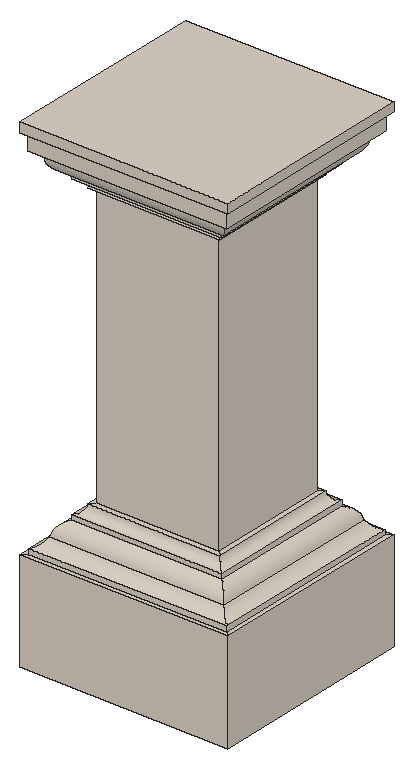
Revit family
Parameters (values of type "300 x 300mm")
  Material = Masonry - Stone
  Manufacturer = "Revit"
  Width = 300 mm
  Keynote = "F"
  Depth = 300 mm
Reference planes
  plane 1 "Centro A/I": y = 0
  plane 2: z = 0
  plane 3 "Centro S/D": x = -8.378
  plane 4 "Sinistra": x = -158.378
  plane 5 "Destra": x = 141.622
  plane 6 "Indietro": y = 150
  plane 7 "Avanti": y = -150
  plane 8: y = 0
  plane 9: z = 1200
Forms (mm)
  Sweep 1, solid, material "Masonry - Stone" <- "Material"
    path origin (0, 0, 200) x (1, 0, 0) y (0, 1, 0)
      loop
        line (141.622, -150) -> (141.622, 150) -> (-158.378, 150) -> (-158.378, -150) -> (141.622, -150)
    profile origin (0, 0, 200) x (-1, 0, 0) y (0, 0, 1)
      loop
        line (-246.622, -200) -> (-136.622, -200) -> (-136.622, 1000) -> (-246.622, 1000) -> (-246.622, 976.816) -> (-236.622, 976.816) -> (-236.622, 936.738) -> (-214.043, 936.738) -> (-214.043, 921.738)
        arc (-214.043, 921.738) -> (-203.083, 895.276) -> (-176.622, 884.316) r 37.422
        line (-176.622, 884.316) -> (-176.622, 869.316)
        arc (-176.622, 869.316) -> (-157.941, 865.497) -> (-154.122, 846.816) r 17.298
        line (-154.122, 846.816) -> (-141.622, 846.816) -> (-141.622, 151.816) -> (-154.122, 151.816)
        arc (-154.122, 151.816) -> (-160.712, 135.906) -> (-176.622, 129.316) r 22.5
        line (-176.622, 129.316) -> (-176.622, 116.816)
        arc (-176.622, 116.816) -> (-195.914, 104.15) -> (-205.772, 83.283) r 42.611
        arc (-205.772, 83.283) -> (-217.426, 68.318) -> (-234.122, 59.316) r 46.07
        line (-234.122, 59.316) -> (-234.122, 46.816) -> (-246.622, 46.816) -> (-246.622, -200)
  Extrusion 2, solid, material "Masonry - Stone" <- "Material"
    sketch origin (0, 0, 0) x (1, 0, 0) y (0, 1, 0)
      loop
        line (-153.378, 145) -> (-153.378, -145) -> (136.622, -145) -> (136.622, 145) -> (-153.378, 145)
    from 0 to 1200
Cuts and joins
  joined: Sweep 1, Extrusion 2
Dimensions and locks
  equal spacing: plane 4 "Sinistra", plane 3 "Centro S/D", plane 5 "Destra"
  equal spacing: plane 7 "Avanti", plane 1 "Centro A/I", plane 6 "Indietro"
  "Width": plane 4 "Sinistra" to plane 5 "Destra"
  "Depth": plane 7 "Avanti" to plane 6 "Indietro"
  locked: Sweep 1 sketch curve to plane 5 "Destra" at 5
  aligned and locked: level to Sweep 1 sketch curve
  aligned and locked: Sweep 1 sketch curve to plane 9
  aligned and locked: level to plane 9
  aligned and locked: level to plane 2
  aligned and locked: Extrusion 2 sketch curve to Sweep 1  (x4)
  aligned and locked: Extrusion 2 to plane 9
Automatic sketch dimensions
  Sweep 1 sketch curve to plane 4 "Sinistra" = 0 mm
  Sweep 1 sketch curve to plane 5 "Destra" = 0 mm
  Sweep 1 sketch curve to plane 7 "Avanti" = 0 mm
  Sweep 1 sketch curve to plane 6 "Indietro" = 0 mm
  Sweep 1 sketch curve to profile plane = 0 mm
  profile plane to Sweep 1 sketch curve = 12.5 mm  (x2)
  profile plane to Sweep 1 sketch curve = 22.133 mm
  Sweep 1 sketch curve to Sweep 1 sketch curve = 16.051 mm
  profile plane to Sweep 1 sketch curve = 35 mm
  Sweep 1 sketch curve to Sweep 1 sketch curve = 6.449 mm  (x2)
  Sweep 1 sketch curve to Sweep 1 sketch curve = 42.017 mm
  Sweep 1 sketch curve to Sweep 1 sketch curve = 37.422 mm
  Sweep 1 sketch curve to Sweep 1 sketch curve = 28.349 mm
  Sweep 1 sketch curve to Sweep 1 sketch curve = 22.578 mm
  profile plane to Sweep 1 sketch curve = 105 mm
  Sweep 1 sketch curve to Sweep 1 sketch curve = 10 mm
  Sweep 1 sketch curve to Sweep 1 sketch curve = 13.048 mm
  Sweep 1 sketch curve to Sweep 1 sketch curve = 246.816 mm
  Sweep 1 sketch curve to Sweep 1 sketch curve = 12.5 mm  (x2)
  Sweep 1 sketch curve to Sweep 1 sketch curve = 16.878 mm
  Sweep 1 sketch curve to Sweep 1 sketch curve = 23.967 mm
  Sweep 1 sketch curve to Sweep 1 sketch curve = 153.184 mm
  Sweep 1 sketch curve to Sweep 1 sketch curve = 15 mm  (x2)
  Sweep 1 sketch curve to Sweep 1 sketch curve = 23.184 mm
